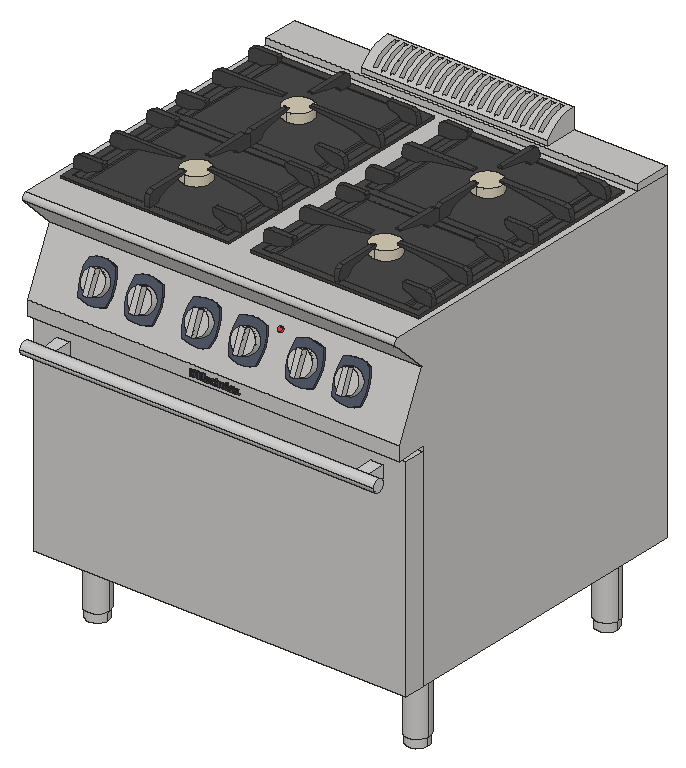
Revit family "QF_ELECTROLUXPROFESSIONAL_371003_E7GCGH4CE0", category Specialty Equipment, Revit 2018
Family settings
  Round Connector Dimension = Use Diameter
  Part Type = Normal
  Work Plane-Based = No
  Always vertical = Yes
  Cut with Voids When Loaded = No
  Shared = No
  Room Calculation Point = No
Parameters
  Width = 800 mm  # constant formula
  Weight in Pounds = 176  # constant formula
  Watts = 6000 VA  # 6000 W
  Volts = 400 V  # constant formula
  URL Cutsheet = "www.electrolux.com"
  URL = "www.electrolux.com"
  Type Mark [instance] = ""
  Status [instance] = ""
  Specification by User [instance] = ""
  Specification by Manufacturer = ""
  Show Logo [instance] = yes
  Show Clearance [instance] = yes
  Serial Number = ""
  Seismic Rating = ""
  SMACNA No = ""
  Revision Code [instance] = ""
  Phase = 3
  Omniclass Number and Title = ""
  Number of Poles [instance] = 1
  NAFEM Spec ID Number = ""
  Model = "371003"
  Min Ckt Ampacity = 0 A
  Mechanical Remarks [instance] = ""
  Mechanical Connection Type [instance] = ""
  Max Overcurrent Protection = 0 A
  Masterspec = ""
  Manufacturer = "ELECTROLUX"
  Item Number [instance] = ""
  Installed By [instance] = ""
  Identify Quantity as Lot [instance] = yes
  Height = 908.9 mm  # constant formula
  HP = "8 HP"
  Gas Size = 12.7 mm  # 1/2"
  Gas RI Height [instance] = 0 mm
  Gas KW [instance] = 22  # constant formula
  Gas Input [instance] = 21979.7 VA  # 74998.0 Btu/h
  Gas Connection Height = 0 mm
  Furnished By [instance] = ""
  Foodservice Equipment Identifier [instance] = yes
  FL Amps = if(Phase = 3, Watts / (Volts * 1.73), Watts / Volts)  # 8.67052 A
  Electrical Remarks [instance] = "400 V/3N ph/50/60 Hz"  # constant formula
  Electric Connection Type [instance] = ""
  Elec Conn RI Height [instance] = 0 mm
  Elec Conn Connection Height [instance] = 0 mm
  Direct Waste Size = 0"
  Description = "700XP 4-Burner Gas Range on Electric Oven"
  Depth = 700 mm  # constant formula
  Cycle [instance] = if([60 Hertz Option], 60 Hz, 50 Hz)  # 60 Hz
  Conn Plug = ""
  Conn Conduit = yes
  CSI MasterFormat = ""
  CSI Master Format = ""
  Assembly Code = ""
  Apparent Power = if(Phase = 3, Volts * FL Amps * 1.73, Volts * FL Amps)  # 6000 VA
  60 Hertz Option [instance] = not([50 Hertz Option])  # yes
  50 Hertz Option [instance] = no
Reference planes
  plane 1 "BACK": y = 0
  plane 2: z = 0
  plane 3 "LEFT": x = 0
  plane 4 "RIGHT": x = 800
  plane 5 "FRONT": y = -700
  plane 6 "TOP": z = 908.9
  plane 7 "Center Y": x = 400
  plane 8 "Center X": y = -350
  plane 9 "Base": z = 150
  plane 10: z = 850.9
  plane 11: y = -730.129
  plane 12: y = -1109
Forms (mm)
  Revolve 1, solid, material "QF_Finishes_Stainless Steel"
    sketch origin (1, -90, 0) x (1, 0, 0) y (0, 0, 1)
      loop
        line (55, 0) -> (55, 150) -> (29.6, 150) -> (29.6, 19.05) -> (32.1, 19.05) -> (32.1, 0) -> (55, 0)
      axis (55, 0) -> (55, 150)
    angle from 0 to 360
  Revolve 2, solid, material "QF_Finishes_Stainless Steel"
    sketch origin (1, -599.588, 0) x (1, 0, 0) y (0, 0, 1)
      loop
        line (55, 0) -> (55, 150) -> (29.6, 150) -> (29.6, 19.05) -> (32.1, 19.05) -> (32.1, 0) -> (55, 0)
      axis (55, 0) -> (55, 150)
    angle from 0 to 360
  Revolve 3, solid, material "QF_Finishes_Stainless Steel"
    sketch origin (799, -90, 0) x (-1, 0, 0) y (0, 0, -1)
      loop
        line (55, 0) -> (32.1, 0) -> (32.1, -19.05) -> (29.6, -19.05) -> (29.6, -150) -> (55, -150) -> (55, 0)
      axis (55, 0) -> (55, -150)
    angle from 0 to 360
  Revolve 4, solid, material "QF_Finishes_Stainless Steel"
    sketch origin (799, -599.588, 0) x (-1, 0, 0) y (0, 0, -1)
      loop
        line (55, 0) -> (32.1, 0) -> (32.1, -19.05) -> (29.6, -19.05) -> (29.6, -150) -> (55, -150) -> (55, 0)
      axis (55, 0) -> (55, -150)
    angle from 0 to 360
  Extrusion 5, solid, material "QF_Finishes_Stainless Steel"
    sketch origin (0, 0, 576.213) x (0, 1, 0) y (0, 0, 1)
      loop
        line (0, -426.213) -> (0, 274.687) -> (-721.5, 274.687)
        arc (-721.5, 274.687) -> (-729.472, 269.36) -> (-727.602, 259.956) r 8.63
        line (-727.602, 259.956) -> (-658.266, 190.62) -> (-715.962, 65.264) -> (-715.962, 33.966) -> (-655.839, 38.662)
        arc (-655.839, 38.662) -> (-653.314, 37.914) -> (-652.222, 35.518) r 3.175
        line (-652.222, 35.518) -> (-652.222, -426.213) -> (0, -426.213)
    from 0 to 800
  Extrusion 6, solid, material "QF_Finishes_Stainless Steel"
    sketch origin (0, -652.222, 611.731) x (0, 0, -1) y (1, 0, 0)
      loop
        line (461.731, 0) -> (461.731, 800) -> (9.61, 800) -> (9.61, 0) -> (461.731, 0)
    from 3.175 to 47.778
  Extrusion 7, solid, material "QF_Finishes_Handrails and Railings"
    sketch origin (0, 0, 0) x (0, 1, 0) y (0, 0, 1)
      loop
        line (-700, 580.001) -> (-738.678, 577.296)
        arc (-738.678, 577.296) -> (-739.871, 563.489) -> (-752.981, 558.993) r 12.7
        arc (-752.981, 558.993) -> (-752.44, 558.176) -> (-751.841, 557.401) r 13.441
        arc (-751.841, 557.401) -> (-750.036, 555.955) -> (-747.808, 555.335) r 5.77
        line (-747.808, 555.335) -> (-700, 551.992) -> (-700, 580.001)
    from 50.8 to 76.2
  Extrusion 8, solid, material "QF_Finishes_Handrails and Railings"
    sketch origin (800, 0, 0) x (0, 1, 0) y (0, 0, -1)
      loop
        line (-700, -580.001) -> (-700, -551.992) -> (-747.808, -555.335)
        arc (-747.808, -555.335) -> (-750.036, -555.955) -> (-751.841, -557.401) r 5.77
        arc (-751.841, -557.401) -> (-752.44, -558.176) -> (-752.981, -558.993) r 13.441
        arc (-752.981, -558.993) -> (-739.871, -563.489) -> (-738.678, -577.296) r 12.7
        line (-738.678, -577.296) -> (-700, -580.001)
    from 50.8 to 76.2
  Extrusion 9, solid, material "QF_Finishes_Handrails and Railings"
    sketch origin (0, 0, 0) x (0, 1, 0) y (0, 0, 1)
      loop
        circle (-749.878, 571.309) r 12.7
    from 19.875 to 780.125
  Extrusion 10, solid, material "QF_Finishes_Stainless Steel"
    sketch origin (0, 0, 576.213) x (0, 1, 0) y (0, 0, 1)
      loop
        line (0, 274.687) -> (0, 288.975) -> (-76.2, 288.975) -> (-76.2, 274.687) -> (0, 274.687)
    from 0 to 800
  Extrusion 11, solid, material "QF_Finishes_Navy Blue"
    sketch origin (7.744, -713.772, 646.186) x (0, 0.418102, 0.9084) y (-1, 0, 0)
      loop
        arc (102.623, -190.47) -> (67.041, -182.846) -> (31.333, -189.853) r 90.5
        arc (31.333, -189.853) -> (24.507, -219.04) -> (31.333, -248.228) r 65.817
        arc (31.333, -248.228) -> (67.04, -255.188) -> (102.623, -247.615) r 91.066
        arc (102.623, -247.615) -> (109.179, -219.043) -> (102.623, -190.47) r 65.546
      loop
        arc (102.623, -90.47) -> (67.041, -82.846) -> (31.333, -89.853) r 90.5
        arc (31.333, -89.853) -> (24.507, -119.04) -> (31.333, -148.228) r 65.817
        arc (31.333, -148.228) -> (67.04, -155.188) -> (102.623, -147.615) r 91.066
        arc (102.623, -147.615) -> (109.179, -119.043) -> (102.623, -90.47) r 65.546
      loop
        arc (102.623, -594.043) -> (109.179, -565.47) -> (102.623, -536.897) r 65.546
        arc (102.623, -536.897) -> (67.04, -529.324) -> (31.333, -536.284) r 91.066
        arc (31.333, -536.284) -> (24.507, -565.472) -> (31.333, -594.66) r 65.817
        arc (31.333, -594.66) -> (67.041, -601.667) -> (102.623, -594.043) r 90.5
      loop
        arc (102.623, -694.043) -> (109.179, -665.47) -> (102.623, -636.897) r 65.546
        arc (102.623, -636.897) -> (67.04, -629.324) -> (31.333, -636.284) r 91.066
        arc (31.333, -636.284) -> (24.507, -665.472) -> (31.333, -694.66) r 65.817
        arc (31.333, -694.66) -> (67.041, -701.667) -> (102.623, -694.043) r 90.5
      loop
        arc (102.623, -413.686) -> (67.041, -406.061) -> (31.333, -413.069) r 90.5
        arc (31.333, -413.069) -> (24.507, -442.256) -> (31.333, -471.444) r 65.817
        arc (31.333, -471.444) -> (67.04, -478.404) -> (102.623, -470.831) r 91.066
        arc (102.623, -470.831) -> (109.179, -442.259) -> (102.623, -413.686) r 65.546
      loop
        arc (102.623, -313.686) -> (67.041, -306.061) -> (31.333, -313.069) r 90.5
        arc (31.333, -313.069) -> (24.507, -342.256) -> (31.333, -371.444) r 65.817
        arc (31.333, -371.444) -> (67.04, -378.404) -> (102.623, -370.831) r 91.066
        arc (102.623, -370.831) -> (109.179, -342.259) -> (102.623, -313.686) r 65.546
    from 0 to 3.175
  Extrusion 12, solid, material "QF_Finishes_Stainless Steel"
    sketch origin (386.494, -717.485, 645.711) x (0, 0.418102, 0.9084) y (-1, 0, 0)
      loop
        circle (68.826, 159.037) r 25.4
      loop
        circle (68.826, 259.037) r 25.4
      loop
        circle (68.826, -186.049) r 25.4
      loop
        circle (68.826, -286.049) r 25.4
      loop
        circle (68.826, -63.463) r 25.4
      loop
        circle (68.826, 36.537) r 25.4
    from 0 to 12.7
  Extrusion 13, solid, material "QF_Finishes_Stainless Steel"
    sketch origin (0, 0, 150) x (-1, 0, 0) y (0, -1, 0)
      loop
        circle (-747.612, 464) r 6.35
    from -8.815 to 7.722
  Extrusion 14, solid, material "QF_Finishes_Door Clearance", visible <- "Show Clearance", detail levels coarse
    sketch origin (0, 0, 0) x (0, 1, 0) y (0, 0, 1)
      loop
        line (-1109, 150) -> (-700, 150) -> (-700, 601.405)
        arc (-700, 601.405) -> (-991.543, 454.568) -> (-1109, 150) r 453.603
    from 0 to 800
  Extrusion 15, solid, material "QF_Finishes_Clearance", visible <- "Show Clearance", detail levels coarse
    sketch origin (0, 0, 0) x (1, 0, 0) y (0, 1, 0)
      loop
        line (-150, -730.129) -> (0, -730.129) -> (0, 0) -> (800, 0) -> (800, -730.129) -> (950, -730.129) -> (950, 150) -> (-150, 150) -> (-150, -730.129)
    from 0 to 908.85
  Extrusion 16, solid, material "QF_Finishes_Stainless Steel"
    sketch origin (66.494, -729.022, 651.021) x (0, 0.418102, 0.9084) y (-1, 0, 0)
      loop
        arc (93.558, -166.749) -> (94.226, -160.963) -> (93.558, -155.177) r 25.4
        line (93.558, -155.177) -> (44.094, -155.177)
        arc (44.094, -155.177) -> (43.426, -160.963) -> (44.094, -166.749) r 25.4
        line (44.094, -166.749) -> (93.558, -166.749)
    from 0 to 12.7
  Extrusion 17, solid, material "QF_Finishes_Stainless Steel"
    sketch origin (-33.506, -729.022, 651.021) x (0, 0.418102, 0.9084) y (-1, 0, 0)
      loop
        arc (93.558, -166.749) -> (94.226, -160.963) -> (93.558, -155.177) r 25.4
        line (93.558, -155.177) -> (44.094, -155.177)
        arc (44.094, -155.177) -> (43.426, -160.963) -> (44.094, -166.749) r 25.4
        line (44.094, -166.749) -> (93.558, -166.749)
    from 0 to 12.7
  Extrusion 18, void
    sketch origin (-65.011, 0, 865.138) x (-1, 0, 0) y (0, -1, 0)
      loop
        line (-295.005, 6.761) -> (-285.709, 6.761) -> (-285.709, 63.911) -> (-295.005, 63.911) -> (-295.005, 6.761)
      loop
        line (-313.697, 6.761) -> (-304.401, 6.761) -> (-304.401, 63.911) -> (-313.697, 63.911) -> (-313.697, 6.761)
      loop
        line (-332.39, 6.761) -> (-323.094, 6.761) -> (-323.094, 63.911) -> (-332.39, 63.911) -> (-332.39, 6.761)
      loop
        line (-351.082, 6.761) -> (-341.787, 6.761) -> (-341.787, 63.911) -> (-351.082, 63.911) -> (-351.082, 6.761)
      loop
        line (-369.775, 6.761) -> (-360.479, 6.761) -> (-360.479, 63.911) -> (-369.775, 63.911) -> (-369.775, 6.761)
      loop
        line (-388.468, 6.761) -> (-379.172, 6.761) -> (-379.172, 63.911) -> (-388.468, 63.911) -> (-388.468, 6.761)
      loop
        line (-407.16, 6.761) -> (-397.864, 6.761) -> (-397.864, 63.911) -> (-407.16, 63.911) -> (-407.16, 6.761)
      loop
        line (-425.853, 6.761) -> (-416.557, 6.761) -> (-416.557, 63.911) -> (-425.853, 63.911) -> (-425.853, 6.761)
      loop
        line (-444.545, 6.761) -> (-435.25, 6.761) -> (-435.25, 63.911) -> (-444.545, 63.911) -> (-444.545, 6.761)
      loop
        line (-463.238, 6.761) -> (-453.942, 6.761) -> (-453.942, 63.911) -> (-463.238, 63.911) -> (-463.238, 6.761)
      loop
        line (-481.931, 6.761) -> (-472.635, 6.761) -> (-472.635, 63.911) -> (-481.931, 63.911) -> (-481.931, 6.761)
      loop
        line (-500.623, 6.761) -> (-491.328, 6.761) -> (-491.328, 63.911) -> (-500.623, 63.911) -> (-500.623, 6.761)
      loop
        line (-519.316, 6.761) -> (-510.02, 6.761) -> (-510.02, 63.911) -> (-519.316, 63.911) -> (-519.316, 6.761)
      loop
        line (-538.008, 6.761) -> (-528.713, 6.761) -> (-528.713, 63.911) -> (-538.008, 63.911) -> (-538.008, 6.761)
      loop
        line (-556.701, 6.761) -> (-547.405, 6.761) -> (-547.405, 63.911) -> (-556.701, 63.911) -> (-556.701, 6.761)
      loop
        line (-575.394, 6.761) -> (-566.098, 6.761) -> (-566.098, 63.911) -> (-575.394, 63.911) -> (-575.394, 6.761)
      loop
        line (-594.086, 6.761) -> (-584.791, 6.761) -> (-584.791, 63.911) -> (-594.086, 63.911) -> (-594.086, 6.761)
      loop
        line (-612.779, 6.761) -> (-603.483, 6.761) -> (-603.483, 63.911) -> (-612.779, 63.911) -> (-612.779, 6.761)
      loop
        line (-631.472, 6.761) -> (-622.176, 6.761) -> (-622.176, 63.911) -> (-631.472, 63.911) -> (-631.472, 6.761)
      loop
        line (-650.164, 6.761) -> (-640.868, 6.761) -> (-640.868, 63.911) -> (-650.164, 63.911) -> (-650.164, 6.761)
    from 9.525 to 45.348
  Extrusion 19, solid, material "QF_Finishes_Stainless Steel"
    sketch origin (-200, 0, 590.5) x (0, 1, 0) y (0, 0, 1)
      loop
        line (0, 274.688) -> (0, 318.4)
        arc (0, 318.4) -> (-39.072, 309.779) -> (-69.85, 284.212) r 84.854
        line (-69.85, 284.212) -> (-69.85, 274.688) -> (0, 274.688)
    from 400 to 800
  Extrusion 20, solid, material "QF_Finishes_Stainless Steel"
    sketch origin (733.506, -729.022, 651.021) x (0, 0.418102, 0.9084) y (-1, 0, 0)
      loop
        line (93.558, 166.749) -> (44.094, 166.749)
        arc (44.094, 166.749) -> (43.426, 160.963) -> (44.094, 155.177) r 25.4
        line (44.094, 155.177) -> (93.558, 155.177)
        arc (93.558, 155.177) -> (94.226, 160.963) -> (93.558, 166.749) r 25.4
    from 0 to 12.7
  Extrusion 21, solid, material "QF_Finishes_Stainless Steel"
    sketch origin (833.506, -729.022, 651.021) x (0, 0.418102, 0.9084) y (-1, 0, 0)
      loop
        line (93.558, 166.749) -> (44.094, 166.749)
        arc (44.094, 166.749) -> (43.426, 160.963) -> (44.094, 155.177) r 25.4
        line (44.094, 155.177) -> (93.558, 155.177)
        arc (93.558, 155.177) -> (94.226, 160.963) -> (93.558, 166.749) r 25.4
    from 0 to 12.7
  Extrusion 22, solid, material "QF_Finishes_Stainless Steel"
    sketch origin (288.994, -729.022, 651.021) x (0, 0.418102, 0.9084) y (-1, 0, 0)
      loop
        arc (93.558, -166.749) -> (94.226, -160.963) -> (93.558, -155.177) r 25.4
        line (93.558, -155.177) -> (44.094, -155.177)
        arc (44.094, -155.177) -> (43.426, -160.963) -> (44.094, -166.749) r 25.4
        line (44.094, -166.749) -> (93.558, -166.749)
    from 0 to 12.7
  Extrusion 23, solid, material "QF_Finishes_Stainless Steel"
    sketch origin (188.994, -729.022, 651.021) x (0, 0.418102, 0.9084) y (-1, 0, 0)
      loop
        arc (93.558, -166.749) -> (94.226, -160.963) -> (93.558, -155.177) r 25.4
        line (93.558, -155.177) -> (44.094, -155.177)
        arc (44.094, -155.177) -> (43.426, -160.963) -> (44.094, -166.749) r 25.4
        line (44.094, -166.749) -> (93.558, -166.749)
    from 0 to 12.7
  Extrusion 24, solid, material "QF_Finishes_Red"
    sketch origin (0, -658.266, 766.833) x (0, -0.418102, -0.9084) y (1, 0, 0)
      loop
        circle (27.385, 506.659) r 5
    from 0 to 1.6
  Extrusion 25, solid, material "QF_Finishes_Stainless Steel"
    sketch origin (0, -50, 150) x (-1, 0, 0) y (0, -1, 0)
      loop
        circle (-747.612, 464) r 3.175
    from -1.912 to 7.722
  Extrusion 26, solid, material "QF_Finishes_Navy Blue", visible <- "Show Logo"
    sketch origin (61.109, -715.962, 610.773) x (0, 0, 1) y (-1, 0, 0)
      loop
        line (20.674, -296.698) -> (8.307, -296.698)
        arc (8.307, -296.698) -> (14.491, -301.27) -> (20.674, -296.698) r 6.467
      loop
        arc (20.674, -296.069) -> (19.505, -290.926) -> (14.849, -288.448) r 6.338
        line (14.849, -288.448) -> (14.849, -290.494)
        arc (14.849, -290.494) -> (16.333, -294.149) -> (19.778, -296.069) r 5.941
        line (19.778, -296.069) -> (20.674, -296.069)
      loop
        arc (9.203, -296.069) -> (12.648, -294.149) -> (14.132, -290.494) r 5.941
        line (14.132, -290.494) -> (14.132, -288.448)
        arc (14.132, -288.448) -> (9.438, -290.922) -> (8.148, -296.069) r 6.504
        line (8.148, -296.069) -> (9.203, -296.069)
      loop
        line (21.349, -287.979) -> (7.604, -287.979) -> (7.604, -301.742) -> (21.349, -301.742) -> (21.349, -287.979)
      loop
        arc (21.432, -304.71) -> (21.085, -304.352) -> (20.718, -304.69) r 0.358
        arc (20.718, -304.69) -> (20.404, -305.44) -> (19.687, -305.825) r 1.216
        line (19.687, -305.825) -> (9.274, -305.825)
        arc (9.274, -305.825) -> (8.614, -305.548) -> (8.218, -304.951) r 1.238
        arc (8.218, -304.951) -> (7.823, -304.7) -> (7.518, -305.054) r 0.358
        line (7.518, -305.054) -> (7.518, -314.933) -> (10.269, -314.933) -> (10.269, -314.036)
        arc (10.269, -314.036) -> (9.36, -313.456) -> (8.904, -312.479) r 1.928
        line (8.904, -312.479) -> (8.904, -309.98)
        arc (8.904, -309.98) -> (9.18, -309.251) -> (9.868, -308.887) r 1.101
        line (9.868, -308.887) -> (13.955, -308.887) -> (13.955, -312.561)
        arc (13.955, -312.561) -> (13.602, -313.058) -> (13.037, -313.286) r 1.083
        arc (13.037, -313.286) -> (12.773, -313.591) -> (13.065, -313.869) r 0.292
        line (13.065, -313.869) -> (16.028, -313.869)
        arc (16.028, -313.869) -> (16.33, -313.596) -> (16.092, -313.266) r 0.305
        arc (16.092, -313.266) -> (15.601, -313.018) -> (15.296, -312.561) r 1.083
        line (15.296, -312.561) -> (15.296, -308.887) -> (19.973, -308.887) -> (19.973, -312.635)
        arc (19.973, -312.635) -> (19.759, -313.39) -> (19.153, -313.888) r 1.314
        arc (19.153, -313.888) -> (18.934, -314.292) -> (19.288, -314.585) r 0.361
        line (19.288, -314.585) -> (21.432, -314.585) -> (21.432, -304.71)
      loop
        arc (20.715, -315.365) -> (20.335, -316.284) -> (19.416, -316.664) r 1.299
        line (19.416, -316.664) -> (9.837, -316.664)
        arc (9.837, -316.664) -> (8.999, -316.286) -> (8.728, -315.408) r 1.118
        line (8.728, -315.408) -> (7.518, -315.408) -> (7.518, -320.758) -> (8.706, -320.758)
        arc (8.706, -320.758) -> (8.978, -319.841) -> (9.848, -319.445) r 1.153
        line (9.848, -319.445) -> (21.92, -319.445) -> (20.715, -315.365)
      loop
        line (12.483, -323.394) -> (12.483, -329.842) -> (13.282, -329.842)
        arc (13.282, -329.842) -> (15.862, -328.857) -> (17.131, -326.404) r 3.874
        line (17.131, -326.404) -> (17.131, -324.643)
        arc (17.131, -324.643) -> (15.944, -321.778) -> (13.08, -320.592) r 4.051
        line (13.08, -320.592) -> (11.072, -320.592)
        arc (11.072, -320.592) -> (8.253, -322.077) -> (7.202, -325.084) r 4.352
        arc (7.202, -325.084) -> (7.566, -327.547) -> (8.943, -329.621) r 5.713
        line (8.943, -329.621) -> (9.892, -329.621)
        arc (9.892, -329.621) -> (9.16, -328.052) -> (8.943, -326.334) r 5.579
        arc (8.943, -326.334) -> (9.737, -324.371) -> (11.616, -323.394) r 3.057
        line (11.616, -323.394) -> (12.483, -323.394)
      loop
        line (13.742, -323.394) -> (13.742, -326.977)
        arc (13.742, -326.977) -> (15.199, -327.024) -> (16.082, -325.864) r 1.59
        line (16.082, -325.864) -> (16.082, -325.034)
        arc (16.082, -325.034) -> (15.217, -323.779) -> (13.742, -323.394) r 2.184
      loop
        arc (16.533, -339.259) -> (17.022, -337.585) -> (17.179, -335.848) r 9.023
        line (17.179, -335.848) -> (17.179, -334.486)
        arc (17.179, -334.486) -> (16.02, -331.686) -> (13.22, -330.527) r 3.959
        line (13.22, -330.527) -> (10.62, -330.527)
        arc (10.62, -330.527) -> (8.338, -331.819) -> (7.221, -334.192) r 4.331
        line (7.221, -334.192) -> (7.221, -336.327)
        arc (7.221, -336.327) -> (7.729, -337.877) -> (8.651, -339.223) r 5.772
        arc (8.651, -339.223) -> (9.412, -339.274) -> (9.499, -338.515) r 0.553
        arc (9.499, -338.515) -> (9.111, -337.781) -> (8.977, -336.962) r 2.573
        line (8.977, -336.962) -> (8.977, -335.447)
        arc (8.977, -335.447) -> (9.983, -333.806) -> (11.798, -333.163) r 2.884
        line (11.798, -333.163) -> (13.077, -333.163)
        arc (13.077, -333.163) -> (14.898, -333.723) -> (15.824, -335.388) r 2.554
        line (15.824, -335.388) -> (15.824, -336.441)
        arc (15.824, -336.441) -> (15.493, -337.369) -> (14.836, -338.104) r 2.564
        arc (14.836, -338.104) -> (14.614, -338.821) -> (15.223, -339.259) r 0.643
        line (15.223, -339.259) -> (16.533, -339.259)
      loop
        line (15.515, -339.53) -> (15.515, -341.031) -> (9.467, -341.031)
        arc (9.467, -341.031) -> (7.879, -341.688) -> (7.221, -343.276) r 2.246
        line (7.221, -343.276) -> (7.221, -344.86)
        arc (7.221, -344.86) -> (7.535, -345.725) -> (8.035, -346.496) r 4.06
        arc (8.035, -346.496) -> (8.768, -346.629) -> (9.019, -345.928) r 0.576
        arc (9.019, -345.928) -> (8.913, -345.403) -> (8.977, -344.87) r 1.69
        arc (8.977, -344.87) -> (9.519, -344.082) -> (10.425, -343.779) r 1.506
        line (10.425, -343.779) -> (15.563, -343.779) -> (15.563, -346.176) -> (16.119, -346.733) -> (16.941, -346.733) -> (16.941, -343.873) -> (20.172, -343.873) -> (15.515, -339.53)
      loop
        line (7.438, -347.63) -> (7.438, -353.017) -> (8.548, -353.017)
        arc (8.548, -353.017) -> (8.942, -352.066) -> (9.893, -351.672) r 1.345
        line (9.893, -351.672) -> (13.509, -351.672)
        arc (13.509, -351.672) -> (14.274, -352.264) -> (14.564, -353.186) r 1.615
        line (14.564, -353.186) -> (14.564, -354.742) -> (17.119, -355.427) -> (17.119, -354.044) -> (15.177, -351.485) -> (17.057, -351.485) -> (16.773, -348.779)
        arc (16.773, -348.779) -> (16.333, -348.249) -> (15.674, -348.45) r 0.621
        arc (15.674, -348.45) -> (15.274, -348.792) -> (14.78, -348.975) r 1.501
        line (14.78, -348.975) -> (9.893, -348.975)
        arc (9.893, -348.975) -> (8.942, -348.581) -> (8.548, -347.63) r 1.345
        line (8.548, -347.63) -> (7.438, -347.63)
      loop
        line (13.54, -354.964) -> (10.848, -354.964)
        arc (10.848, -354.964) -> (8.403, -356.272) -> (7.269, -358.803) r 4.288
        arc (7.269, -358.803) -> (7.205, -360.183) -> (7.269, -361.563) r 15.022
        arc (7.269, -361.563) -> (8.403, -364.094) -> (10.848, -365.401) r 4.288
        line (10.848, -365.401) -> (13.54, -365.401)
        arc (13.54, -365.401) -> (15.986, -364.094) -> (17.119, -361.563) r 4.288
        arc (17.119, -361.563) -> (17.183, -360.183) -> (17.119, -358.803) r 15.022
        arc (17.119, -358.803) -> (15.986, -356.272) -> (13.54, -354.964) r 4.288
      loop
        line (13.745, -358.078) -> (10.643, -358.078)
        arc (10.643, -358.078) -> (8.486, -360.235) -> (10.643, -362.392) r 2.157
        line (10.643, -362.392) -> (13.745, -362.392)
        arc (13.745, -362.392) -> (15.902, -360.235) -> (13.745, -358.078) r 2.157
      loop
        arc (20.726, -365.26) -> (20.355, -366.154) -> (19.461, -366.524) r 1.264
        line (19.461, -366.524) -> (9.597, -366.524)
        arc (9.597, -366.524) -> (8.727, -366.127) -> (8.455, -365.211) r 1.153
        line (8.455, -365.211) -> (7.518, -365.211) -> (7.518, -370.319) -> (8.446, -370.319)
        arc (8.446, -370.319) -> (8.805, -369.547) -> (9.597, -369.232) r 1.153
        line (9.597, -369.232) -> (21.92, -369.232) -> (20.726, -365.26)
      loop
        arc (15.846, -369.857) -> (15.647, -370.921) -> (14.678, -371.403) r 1.215
        line (14.678, -371.403) -> (9.658, -371.403)
        arc (9.658, -371.403) -> (8.043, -372.051) -> (7.322, -373.634) r 2.338
        line (7.322, -373.634) -> (7.322, -375.148)
        arc (7.322, -375.148) -> (7.497, -376.152) -> (7.999, -377.038) r 2.979
        line (7.999, -377.038) -> (7.518, -378.835) -> (7.518, -380.524) -> (16.943, -380.524) -> (16.649, -376.32) -> (15.863, -376.32)
        arc (15.863, -376.32) -> (15.507, -377.156) -> (14.755, -377.665) r 1.605
        line (14.755, -377.665) -> (9.652, -377.665)
        arc (9.652, -377.665) -> (9.232, -376.728) -> (9.159, -375.704) r 2.94
        arc (9.159, -375.704) -> (9.72, -374.603) -> (10.873, -374.16) r 1.724
        line (10.873, -374.16) -> (17.07, -374.16) -> (15.846, -369.857)
      loop
        line (16.874, -381.377) -> (15.202, -383.423) -> (12.028, -385.729) -> (8.572, -382.617)
        arc (8.572, -382.617) -> (8.335, -382.223) -> (8.357, -381.764) r 0.789
        line (8.357, -381.764) -> (7.518, -381.764) -> (7.518, -385.309) -> (8.344, -385.309)
        arc (8.344, -385.309) -> (8.686, -384.947) -> (9.176, -385.039) r 0.52
        line (9.176, -385.039) -> (10.976, -386.51) -> (8.858, -387.886)
        arc (8.858, -387.886) -> (8.457, -387.576) -> (8.37, -387.076) r 0.7
        line (8.37, -387.076) -> (7.518, -387.076) -> (7.518, -393.003) -> (8.405, -393.003)
        arc (8.405, -393.003) -> (8.472, -392.344) -> (8.866, -391.813) r 1.247
        line (8.866, -391.813) -> (13.066, -388.532) -> (15.513, -390.585) -> (16.874, -392.327) -> (16.874, -388.604) -> (15.389, -389.026) -> (13.868, -387.749) -> (15.568, -386.559) -> (16.874, -387.336) -> (16.874, -381.377)
    from 0 to 1.644
Cuts and joins
  Extrusion 18 cuts Extrusion 15
  Extrusion 18 cuts Extrusion 19
Lines and regions (mm)
  symbolic lines, style "QF-Door Swings"
    curve 1: line (0, -730.129, 150) -> (0, -1109, 150)
    curve 2: line (0, -1109, 150) -> (800, -1109, 150)
    curve 3: line (800, -1109, 150) -> (800, -730.129, 150)
  symbolic lines
    curve 4: line (800, -730.129, 150) -> (0, -730.129, 150)
    curve 5: line (0, 0, 150) -> (0, -730.129, 150)
    curve 6: line (0, -69.85, 150) -> (800, -69.85, 150)
    curve 7: line (0, -76.2, 150) -> (800, -76.2, 150)
    curve 8: line (800, -730.129, 150) -> (800, 0, 150)
    curve 9: line (0, 0, 150) -> (800, 0, 150)
    curve 13: line (50.8, -738.678, 150) -> (50.8, -730.129, 150)
    curve 14: line (76.2, -730.129, 150) -> (76.2, -738.678, 150)
    curve 15: line (19.875, -737.178, 150) -> (50.8, -737.178, 150)
    curve 16: line (19.875, -762.578, 150) -> (19.875, -737.178, 150)
    curve 17: line (780.125, -762.578, 150) -> (19.875, -762.578, 150)
    curve 18: line (780.125, -737.178, 150) -> (780.125, -762.578, 150)
    curve 19: line (749.2, -738.678, 150) -> (749.2, -730.129, 150)
    curve 20: line (723.8, -738.678, 150) -> (723.8, -730.129, 150)
    curve 21: line (723.8, -738.678, 150) -> (749.2, -738.678, 150)
    curve 22: line (50.8, -738.678, 150) -> (76.2, -738.678, 150)
    curve 23: line (76.2, -737.178, 150) -> (723.8, -737.178, 150)
    curve 24: line (749.2, -737.178, 150) -> (780.125, -737.178, 150)
    curve 25: line (229.994, -6.761, 150) -> (229.994, -63.911, 150)
    curve 26: line (229.994, -63.911, 150) -> (220.698, -63.911, 150)
    curve 27: line (220.698, -63.911, 150) -> (220.698, -6.761, 150)
    curve 28: line (220.698, -6.761, 150) -> (229.994, -6.761, 150)
    curve 29: line (435.612, -6.761, 150) -> (435.612, -63.911, 150)
    curve 30: line (435.612, -63.911, 150) -> (426.317, -63.911, 150)
    curve 31: line (426.317, -63.911, 150) -> (426.317, -6.761, 150)
    curve 32: line (426.317, -6.761, 150) -> (435.612, -6.761, 150)
    curve 33: line (416.92, -6.761, 150) -> (416.92, -63.911, 150)
    curve 34: line (416.92, -63.911, 150) -> (407.624, -63.911, 150)
    curve 35: line (407.624, -63.911, 150) -> (407.624, -6.761, 150)
    curve 36: line (407.624, -6.761, 150) -> (416.92, -6.761, 150)
    curve 37: line (398.227, -6.761, 150) -> (398.227, -63.911, 150)
    curve 38: line (398.227, -63.911, 150) -> (388.931, -63.911, 150)
    curve 39: line (388.931, -63.911, 150) -> (388.931, -6.761, 150)
    curve 40: line (388.931, -6.761, 150) -> (398.227, -6.761, 150)
    curve 41: line (379.534, -6.761, 150) -> (379.534, -63.911, 150)
    curve 42: line (379.534, -63.911, 150) -> (370.239, -63.911, 150)
    curve 43: line (370.239, -63.911, 150) -> (370.239, -6.761, 150)
    curve 44: line (370.239, -6.761, 150) -> (379.534, -6.761, 150)
    curve 45: line (360.842, -6.761, 150) -> (360.842, -63.911, 150)
    curve 46: line (360.842, -63.911, 150) -> (351.546, -63.911, 150)
    curve 47: line (351.546, -63.911, 150) -> (351.546, -6.761, 150)
    curve 48: line (351.546, -6.761, 150) -> (360.842, -6.761, 150)
    curve 49: line (342.149, -6.761, 150) -> (342.149, -63.911, 150)
    curve 50: line (342.149, -63.911, 150) -> (332.854, -63.911, 150)
    curve 51: line (332.854, -63.911, 150) -> (332.854, -6.761, 150)
    curve 52: line (332.854, -6.761, 150) -> (342.149, -6.761, 150)
    curve 53: line (323.457, -6.761, 150) -> (323.457, -63.911, 150)
    curve 54: line (323.457, -63.911, 150) -> (314.161, -63.911, 150)
    curve 55: line (314.161, -63.911, 150) -> (314.161, -6.761, 150)
    curve 56: line (314.161, -6.761, 150) -> (323.457, -6.761, 150)
    curve 57: line (304.764, -6.761, 150) -> (304.764, -63.911, 150)
    curve 58: line (304.764, -63.911, 150) -> (295.468, -63.911, 150)
    curve 59: line (295.468, -63.911, 150) -> (295.468, -6.761, 150)
    curve 60: line (295.468, -6.761, 150) -> (304.764, -6.761, 150)
    curve 61: line (286.071, -6.761, 150) -> (286.071, -63.911, 150)
    curve 62: line (286.071, -63.911, 150) -> (276.776, -63.911, 150)
    curve 63: line (276.776, -63.911, 150) -> (276.776, -6.761, 150)
    curve 64: line (276.776, -6.761, 150) -> (286.071, -6.761, 150)
    curve 65: line (267.379, -6.761, 150) -> (267.379, -63.911, 150)
    curve 66: line (267.379, -63.911, 150) -> (258.083, -63.911, 150)
    curve 67: line (258.083, -63.911, 150) -> (258.083, -6.761, 150)
    curve 68: line (258.083, -6.761, 150) -> (267.379, -6.761, 150)
    curve 69: line (248.686, -6.761, 150) -> (248.686, -63.911, 150)
    curve 70: line (248.686, -63.911, 150) -> (239.39, -63.911, 150)
    curve 71: line (239.39, -63.911, 150) -> (239.39, -6.761, 150)
    curve 72: line (239.39, -6.761, 150) -> (248.686, -6.761, 150)
    curve 73: line (585.153, -6.761, 150) -> (585.153, -63.911, 150)
    curve 74: line (585.153, -63.911, 150) -> (575.857, -63.911, 150)
    curve 75: line (575.857, -63.911, 150) -> (575.857, -6.761, 150)
    curve 76: line (575.857, -6.761, 150) -> (585.153, -6.761, 150)
    curve 77: line (566.461, -6.761, 150) -> (566.461, -63.911, 150)
    curve 78: line (566.461, -63.911, 150) -> (557.165, -63.911, 150)
    curve 79: line (557.165, -63.911, 150) -> (557.165, -6.761, 150)
    curve 80: line (557.165, -6.761, 150) -> (566.461, -6.761, 150)
    curve 81: line (547.768, -6.761, 150) -> (547.768, -63.911, 150)
    curve 82: line (547.768, -63.911, 150) -> (538.472, -63.911, 150)
    curve 83: line (538.472, -63.911, 150) -> (538.472, -6.761, 150)
    curve 84: line (538.472, -6.761, 150) -> (547.768, -6.761, 150)
    curve 85: line (529.075, -6.761, 150) -> (529.075, -63.911, 150)
    curve 86: line (529.075, -63.911, 150) -> (519.78, -63.911, 150)
    curve 87: line (519.78, -63.911, 150) -> (519.78, -6.761, 150)
    curve 88: line (519.78, -6.761, 150) -> (529.075, -6.761, 150)
    curve 89: line (510.383, -6.761, 150) -> (510.383, -63.911, 150)
    curve 90: line (510.383, -63.911, 150) -> (501.087, -63.911, 150)
    curve 91: line (501.087, -63.911, 150) -> (501.087, -6.761, 150)
    curve 92: line (501.087, -6.761, 150) -> (510.383, -6.761, 150)
    curve 93: line (491.69, -6.761, 150) -> (491.69, -63.911, 150)
    curve 94: line (491.69, -63.911, 150) -> (482.394, -63.911, 150)
    curve 95: line (482.394, -63.911, 150) -> (482.394, -6.761, 150)
    curve 96: line (482.394, -6.761, 150) -> (491.69, -6.761, 150)
    curve 97: line (472.998, -6.761, 150) -> (472.998, -63.911, 150)
    curve 98: line (472.998, -63.911, 150) -> (463.702, -63.911, 150)
    curve 99: line (463.702, -63.911, 150) -> (463.702, -6.761, 150)
    curve 100: line (463.702, -6.761, 150) -> (472.998, -6.761, 150)
    curve 101: line (454.305, -6.761, 150) -> (454.305, -63.911, 150)
    curve 102: line (454.305, -63.911, 150) -> (445.009, -63.911, 150)
    curve 103: line (445.009, -63.911, 150) -> (445.009, -6.761, 150)
    curve 104: line (445.009, -6.761, 150) -> (454.305, -6.761, 150)
    curve 105: line (200, -69.85, 150) -> (200, 0, 150)
    curve 106: line (600, -69.85, 150) -> (600, 0, 150)
  symbolic lines, style "QF-Clearances", visible <- "Show Clearance", detail levels coarse
    curve 10: line (-150, -730.129, 150) -> (-150, 150, 150)
    curve 11: line (-150, 150, 150) -> (950, 150, 150)
    curve 12: line (950, 150, 150) -> (950, -730.129, 150)
Dimensions and locks
  equal spacing: plane 3 "LEFT", plane 7 "Center Y", plane 4 "RIGHT"
  "Width": plane 3 "LEFT" to plane 4 "RIGHT"
  equal spacing: plane 5 "FRONT", plane 8 "Center X", plane 1 "BACK"
  "Depth": plane 5 "FRONT" to plane 1 "BACK"
  "Height": plane 6 "TOP" to level
  plane 9 "Base" to level = 150 mm
  plane 6 "TOP" to plane 10 = 58 mm  (x2)
  plane 1 "BACK" to plane 11 = 730.129 mm
  plane 1 "BACK" to plane 12 = 1109 mm
  aligned and locked: level to plane 2
Automatic sketch dimensions
  Revolve 1 sketch curve to plane 9 "Base" = 0 mm  (x2)
  Revolve 1 sketch curve to level = 0 mm
  plane 3 "LEFT" to Revolve 1 sketch curve = 30.6 mm
  Revolve 1 sketch curve to Revolve 1 sketch curve = 2.5 mm
  Revolve 1 sketch curve to Revolve 1 sketch curve = 25.4 mm
  Revolve 1 sketch curve to Revolve 1 sketch curve = 0 mm
  level to Revolve 1 sketch curve = 19.05 mm
  plane 9 "Base" to Revolve 1 sketch curve = 20 mm
  Revolve 2 sketch curve to plane 9 "Base" = 0 mm  (x2)
  Revolve 2 sketch curve to level = 0 mm
  plane 3 "LEFT" to Revolve 2 sketch curve = 30.6 mm
  Revolve 2 sketch curve to Revolve 2 sketch curve = 2.5 mm
  Revolve 2 sketch curve to Revolve 2 sketch curve = 25.4 mm
  Revolve 2 sketch curve to Revolve 2 sketch curve = 0 mm
  level to Revolve 2 sketch curve = 19.05 mm
  plane 9 "Base" to Revolve 2 sketch curve = 20 mm
  Revolve 3 sketch curve to plane 9 "Base" = 0 mm  (x2)
  Revolve 3 sketch curve to level = 0 mm
  Revolve 3 sketch curve to plane 4 "RIGHT" = 30.6 mm
  Revolve 3 sketch curve to Revolve 3 sketch curve = 2.5 mm
  Revolve 3 sketch curve to Revolve 3 sketch curve = 25.4 mm
  Revolve 3 sketch curve to Revolve 3 sketch curve = 0 mm
  plane 9 "Base" to Revolve 3 sketch curve = 20 mm
  level to Revolve 3 sketch curve = 19.05 mm
  Revolve 4 sketch curve to plane 9 "Base" = 0 mm  (x2)
  Revolve 4 sketch curve to level = 0 mm
  Revolve 4 sketch curve to plane 4 "RIGHT" = 30.6 mm
  Revolve 4 sketch curve to Revolve 4 sketch curve = 2.5 mm
  Revolve 4 sketch curve to Revolve 4 sketch curve = 25.4 mm
  Revolve 4 sketch curve to Revolve 4 sketch curve = 0 mm
  plane 9 "Base" to Revolve 4 sketch curve = 20 mm
  level to Revolve 4 sketch curve = 19.05 mm
  Extrusion 5 sketch curve to plane 10 = 0 mm
  Extrusion 5 sketch curve to plane 9 "Base" = 0 mm
  Extrusion 5 sketch curve to plane 1 "BACK" = 0 mm
  Extrusion 5 sketch curve to plane 5 "FRONT" = 47.778 mm
  Extrusion 5 sketch curve to Extrusion 5 sketch curve = 3.175 mm
  Extrusion 5 sketch curve to Extrusion 5 sketch curve = 0.442 mm
  Extrusion 5 sketch curve to plane 5 "FRONT" = 41.734 mm
  Extrusion 5 sketch curve to plane 11 = 14.167 mm
  Extrusion 5 sketch curve to plane 11 = 8.63 mm
  Extrusion 5 sketch curve to plane 11 = 2.528 mm
  Extrusion 5 sketch curve to plane 10 = 240.721 mm
  Extrusion 5 sketch curve to Extrusion 5 sketch curve = 1.552 mm
  Extrusion 5 sketch curve to Extrusion 5 sketch curve = 31.298 mm
  Extrusion 5 sketch curve to plane 10 = 84.067 mm
  Extrusion 5 sketch curve to plane 10 = 14.732 mm
  Extrusion 6 sketch curve to Extrusion 5 = 0 mm  (x2)
  Extrusion 5 to Extrusion 6 sketch curve = 0 mm
  Extrusion 5 to Extrusion 6 sketch curve = 9.61 mm
  Extrusion 7 sketch curve to plane 5 "FRONT" = 0 mm
  plane 11 to Extrusion 7 sketch curve = 8.549 mm
  plane 11 to Extrusion 7 sketch curve = 11.379 mm
  Extrusion 7 sketch curve to Extrusion 7 sketch curve = 5.898 mm
  Extrusion 7 sketch curve to Extrusion 7 sketch curve = 0.402 mm
  Extrusion 7 sketch curve to Extrusion 7 sketch curve = 8.37 mm
  Extrusion 7 sketch curve to Extrusion 7 sketch curve = 4.033 mm
  Extrusion 7 sketch curve to Extrusion 7 sketch curve = 0 mm  (x2)
  Extrusion 7 sketch curve to Extrusion 7 sketch curve = 1.139 mm
  Extrusion 7 sketch curve to plane 10 = 298.908 mm
  Extrusion 7 sketch curve to Extrusion 7 sketch curve = 3.343 mm
  Extrusion 7 sketch curve to Extrusion 7 sketch curve = 2.066 mm
  Extrusion 7 sketch curve to Extrusion 7 sketch curve = 5.312 mm
  Extrusion 7 sketch curve to Extrusion 7 sketch curve = 28.009 mm
  Extrusion 8 sketch curve to plane 5 "FRONT" = 0 mm
  plane 11 to Extrusion 8 sketch curve = 8.549 mm
  plane 11 to Extrusion 8 sketch curve = 11.379 mm
  Extrusion 8 sketch curve to Extrusion 8 sketch curve = 5.898 mm
  Extrusion 8 sketch curve to Extrusion 8 sketch curve = 0.402 mm
  Extrusion 8 sketch curve to Extrusion 8 sketch curve = 8.37 mm
  Extrusion 8 sketch curve to Extrusion 8 sketch curve = 4.033 mm
  Extrusion 8 sketch curve to Extrusion 8 sketch curve = 0 mm  (x2)
  Extrusion 8 sketch curve to Extrusion 8 sketch curve = 1.139 mm
  Extrusion 8 sketch curve to plane 10 = 270.899 mm
  Extrusion 8 sketch curve to Extrusion 8 sketch curve = 2.705 mm
  Extrusion 8 sketch curve to Extrusion 8 sketch curve = 5.987 mm
  Extrusion 8 sketch curve to Extrusion 8 sketch curve = 5.312 mm
  Extrusion 8 sketch curve to Extrusion 8 sketch curve = 28.009 mm
  plane 11 to Extrusion 9 sketch curve = 19.749 mm
  Extrusion 9 sketch curve to plane 10 = 279.591 mm
  Extrusion 10 sketch curve to plane 10 = 0 mm
  Extrusion 10 sketch curve to plane 1 "BACK" = 0 mm
  plane 10 to Extrusion 10 sketch curve = 14.288 mm
  Extrusion 10 sketch curve to Extrusion 10 sketch curve = 76.2 mm
  Extrusion 11 sketch curve to plane 7 "Center Y" = 20.812 mm
  Extrusion 11 sketch curve to Extrusion 11 sketch curve = 0 mm  (x16)
  plane 7 "Center Y" to Extrusion 11 sketch curve = 20.812 mm
  Extrusion 11 sketch curve to Extrusion 11 sketch curve = 12.3 mm  (x18)
  Extrusion 11 sketch curve to Extrusion 11 sketch curve = 34.925 mm  (x7)
  plane 7 "Center Y" to Extrusion 11 sketch curve = 4.302 mm
  Extrusion 11 sketch curve to plane 7 "Center Y" = 4.915 mm
  Extrusion 11 sketch curve to Extrusion 11 sketch curve = 46.691 mm  (x6)
  plane 7 "Center Y" to Extrusion 11 sketch curve = 21.43 mm
  Extrusion 11 sketch curve to plane 7 "Center Y" = 21.425 mm
  Extrusion 11 sketch curve to Extrusion 11 sketch curve = 14.612 mm
  Extrusion 11 sketch curve to Extrusion 11 sketch curve = 25.114 mm  (x3)
  Extrusion 11 sketch curve to Extrusion 11 sketch curve = 25.727 mm  (x2)
  Extrusion 11 sketch curve to Extrusion 11 sketch curve = 29.185 mm  (x5)
  Extrusion 11 sketch curve to Extrusion 11 sketch curve = 9.217 mm  (x2)
  Extrusion 11 sketch curve to Extrusion 11 sketch curve = 15.898 mm  (x2)
  Extrusion 11 sketch curve to Extrusion 11 sketch curve = 16.51 mm  (x2)
  Extrusion 11 sketch curve to Extrusion 11 sketch curve = 13.999 mm
  Extrusion 12 sketch curve to Extrusion 12 sketch curve = 0 mm  (x5)
  Extrusion 12 sketch curve to Extrusion 12 sketch curve = 100 mm  (x3)
  Extrusion 12 sketch curve to Extrusion 12 sketch curve = 122.586 mm
  Extrusion 12 sketch curve to Extrusion 12 sketch curve = 122.5 mm
  Extrusion 13 sketch curve to plane 4 "RIGHT" = 52.388 mm
  Extrusion 13 sketch curve to plane 8 "Center X" = 114 mm
  Extrusion 14 sketch curve to plane 9 "Base" = 0 mm
  Extrusion 14 sketch curve to plane 12 = 0 mm
  Extrusion 14 sketch curve to plane 5 "FRONT" = 0 mm
  Extrusion 14 sketch curve to Extrusion 14 sketch curve = 44.603 mm
  plane 11 to curve 12 = 0 mm
  curve 3 to plane 4 "RIGHT" = 0 mm
  plane 1 "BACK" to curve 9 = 0 mm
  curve 9 to plane 4 "RIGHT" = 0 mm
  plane 11 to curve 19 = 0 mm
  curve 1 to plane 3 "LEFT" = 0 mm
  curve 9 to plane 3 "LEFT" = 0 mm
  plane 11 to curve 10 = 0 mm
  plane 12 to curve 1 = 0 mm
  plane 4 "RIGHT" to curve 11 = 150 mm
  plane 11 to curve 18 = 7.049 mm
  curve 18 to plane 4 "RIGHT" = 19.875 mm
  curve 18 to curve 24 = 30.925 mm
  plane 11 to curve 23 = 7.049 mm
  curve 24 to curve 23 = 25.4 mm
  plane 1 "BACK" to curve 106 = 69.85 mm
  curve 106 to plane 4 "RIGHT" = 200 mm
  curve 106 to curve 73 = 14.847 mm
  curve 73 to curve 74 = 9.296 mm
  curve 74 to curve 78 = 9.397 mm
  curve 77 to curve 79 = 9.296 mm
  curve 78 to curve 81 = 9.397 mm
  curve 81 to curve 84 = 9.296 mm
  curve 82 to curve 86 = 9.397 mm
  curve 85 to curve 87 = 9.296 mm
  curve 86 to curve 90 = 9.397 mm
  curve 89 to curve 91 = 9.296 mm
  curve 90 to curve 93 = 9.397 mm
  curve 93 to curve 96 = 9.296 mm
  curve 94 to curve 98 = 9.397 mm
  curve 97 to curve 100 = 9.296 mm
  curve 99 to curve 104 = 9.397 mm
  curve 101 to curve 104 = 9.296 mm
  curve 103 to curve 29 = 9.397 mm
  curve 29 to curve 32 = 9.296 mm
  curve 31 to curve 33 = 9.397 mm
  plane 7 "Center Y" to curve 34 = 7.624 mm
  curve 37 to plane 7 "Center Y" = 1.773 mm
  curve 37 to curve 39 = 9.296 mm
  curve 39 to curve 44 = 9.397 mm
  curve 41 to curve 42 = 9.296 mm
  curve 42 to curve 45 = 9.397 mm
  curve 45 to curve 47 = 9.296 mm
  curve 47 to curve 49 = 9.397 mm
  curve 49 to curve 51 = 9.296 mm
  curve 51 to curve 53 = 9.397 mm
  curve 53 to curve 54 = 9.296 mm
  curve 55 to curve 57 = 9.397 mm
  curve 57 to curve 58 = 9.296 mm
  curve 59 to curve 64 = 9.397 mm
  curve 61 to curve 63 = 9.296 mm
  curve 63 to curve 65 = 9.397 mm
  curve 65 to curve 66 = 9.296 mm
  curve 67 to curve 72 = 9.397 mm
  curve 69 to curve 71 = 9.296 mm
  curve 71 to curve 28 = 9.397 mm
  curve 25 to curve 27 = 9.296 mm
  curve 27 to curve 105 = 20.698 mm
  plane 11 to curve 22 = 8.549 mm
  plane 3 "LEFT" to curve 22 = 76.2 mm
  plane 11 to curve 15 = 7.049 mm
  curve 23 to curve 15 = 25.4 mm
  plane 3 "LEFT" to curve 16 = 19.875 mm
  curve 11 to plane 3 "LEFT" = 150 mm
  curve 12 to plane 1 "BACK" = 150 mm
  plane 1 "BACK" to curve 101 = 6.761 mm
  plane 1 "BACK" to curve 81 = 6.761 mm
  plane 1 "BACK" to curve 100 = 6.761 mm
  plane 1 "BACK" to curve 80 = 6.761 mm
  plane 1 "BACK" to curve 96 = 6.761 mm
  plane 1 "BACK" to curve 76 = 6.761 mm
  plane 1 "BACK" to curve 92 = 6.761 mm
  plane 1 "BACK" to curve 72 = 6.761 mm
  plane 1 "BACK" to curve 88 = 6.761 mm
  plane 1 "BACK" to curve 68 = 6.761 mm
  plane 1 "BACK" to curve 25 = 6.761 mm
  plane 1 "BACK" to curve 64 = 6.761 mm
  plane 1 "BACK" to curve 29 = 6.761 mm
  plane 1 "BACK" to curve 60 = 6.761 mm
  plane 1 "BACK" to curve 33 = 6.761 mm
  plane 1 "BACK" to curve 56 = 6.761 mm
  plane 1 "BACK" to curve 37 = 6.761 mm
  plane 1 "BACK" to curve 52 = 6.761 mm
  plane 1 "BACK" to curve 41 = 6.761 mm
  plane 1 "BACK" to curve 48 = 6.761 mm
  curve 45 to curve 46 = 57.15 mm
  curve 45 to curve 42 = 0 mm
  curve 49 to curve 46 = 0 mm
  curve 41 to curve 39 = 0 mm
  curve 53 to curve 50 = 0 mm
  curve 37 to curve 35 = 0 mm
  curve 57 to curve 54 = 0 mm
  curve 33 to curve 31 = 0 mm
  curve 61 to curve 58 = 0 mm
  curve 27 to curve 105 = 5.939 mm
  curve 65 to curve 62 = 0 mm
  curve 85 to curve 86 = 57.15 mm
  curve 89 to curve 86 = 0 mm
  curve 69 to curve 66 = 0 mm
  curve 93 to curve 90 = 0 mm
  curve 73 to curve 106 = 5.939 mm
  curve 97 to curve 94 = 0 mm
  curve 77 to curve 74 = 0 mm
  curve 101 to curve 98 = 0 mm
  curve 81 to curve 78 = 0 mm
  curve 6 to curve 7 = 6.35 mm
  curve 24 to curve 19 = 1.5 mm
  curve 15 to curve 17 = 25.4 mm
  plane 11 to Extrusion 15 sketch curve = 0 mm  (x2)
  Extrusion 15 sketch curve to plane 3 "LEFT" = 0 mm
  plane 1 "BACK" to Extrusion 15 sketch curve = 0 mm
  Extrusion 15 sketch curve to plane 4 "RIGHT" = 0 mm
  Extrusion 15 sketch curve to plane 3 "LEFT" = 150 mm
  plane 4 "RIGHT" to Extrusion 15 sketch curve = 150 mm
  Extrusion 15 sketch curve to plane 1 "BACK" = 150 mm
  Extrusion 16 sketch curve to Extrusion 16 sketch curve = 0 mm  (x3)
  Extrusion 16 sketch curve to plane 7 "Center Y" = 166.757 mm
  Extrusion 16 sketch curve to Extrusion 16 sketch curve = 24.732 mm  (x2)
  Extrusion 16 sketch curve to Extrusion 16 sketch curve = 5.786 mm
  Extrusion 17 sketch curve to Extrusion 17 sketch curve = 0 mm  (x3)
  plane 3 "LEFT" to Extrusion 17 sketch curve = 133.243 mm
  Extrusion 17 sketch curve to Extrusion 17 sketch curve = 24.732 mm  (x2)
  Extrusion 17 sketch curve to Extrusion 17 sketch curve = 5.786 mm
  plane 1 "BACK" to Extrusion 18 sketch curve = 63.911 mm  (x2)
  plane 7 "Center Y" to Extrusion 18 sketch curve = 185.153 mm
  Extrusion 18 sketch curve to Extrusion 18 sketch curve = 9.296 mm  (x19)
  Extrusion 18 sketch curve to Extrusion 18 sketch curve = 9.397 mm  (x18)
  plane 7 "Center Y" to Extrusion 18 sketch curve = 7.624 mm
  Extrusion 18 sketch curve to plane 7 "Center Y" = 1.773 mm
  Extrusion 18 sketch curve to Extrusion 18 sketch curve = 0 mm  (x18)
  plane 1 "BACK" to Extrusion 18 sketch curve = 6.761 mm  (x20)
  Extrusion 19 sketch curve to plane 1 "BACK" = 0 mm
  Extrusion 19 sketch curve to plane 6 "TOP" = 0 mm
  plane 1 "BACK" to Extrusion 19 sketch curve = 1.769 mm
  plane 10 to Extrusion 19 sketch curve = 23.812 mm
  plane 1 "BACK" to Extrusion 19 sketch curve = 69.85 mm
  plane 10 to Extrusion 19 sketch curve = 14.288 mm
  Extrusion 20 sketch curve to Extrusion 20 sketch curve = 0 mm  (x3)
  plane 7 "Center Y" to Extrusion 20 sketch curve = 166.757 mm
  Extrusion 20 sketch curve to Extrusion 20 sketch curve = 24.732 mm  (x2)
  Extrusion 20 sketch curve to Extrusion 20 sketch curve = 5.786 mm
  Extrusion 21 sketch curve to Extrusion 21 sketch curve = 0 mm  (x3)
  Extrusion 21 sketch curve to plane 4 "RIGHT" = 133.243 mm
  Extrusion 21 sketch curve to Extrusion 21 sketch curve = 24.732 mm  (x2)
  Extrusion 21 sketch curve to Extrusion 21 sketch curve = 5.786 mm
  Extrusion 22 sketch curve to Extrusion 22 sketch curve = 0 mm  (x3)
  plane 7 "Center Y" to Extrusion 22 sketch curve = 55.743 mm
  Extrusion 22 sketch curve to Extrusion 22 sketch curve = 24.732 mm  (x2)
  Extrusion 22 sketch curve to Extrusion 22 sketch curve = 5.786 mm
  Extrusion 23 sketch curve to Extrusion 23 sketch curve = 0 mm  (x3)
  Extrusion 23 sketch curve to plane 7 "Center Y" = 44.257 mm
  Extrusion 23 sketch curve to Extrusion 23 sketch curve = 24.732 mm  (x2)
  Extrusion 23 sketch curve to Extrusion 23 sketch curve = 5.786 mm
  Extrusion 5 to Extrusion 24 sketch curve = 27.385 mm
  Extrusion 5 to Extrusion 24 sketch curve = 293.341 mm
  Extrusion 25 sketch curve to plane 4 "RIGHT" = 52.388 mm
  Extrusion 25 sketch curve to plane 8 "Center X" = 164 mm
  plane 7 "Center Y" to Extrusion 26 sketch curve = 21.292 mm
  Extrusion 26 sketch curve to plane 10 = 237.967 mm
  Extrusion 26 sketch curve to plane 7 "Center Y" = 13.807 mm
  Extrusion 26 sketch curve to Extrusion 26 sketch curve = 5.041 mm
  plane 7 "Center Y" to Extrusion 26 sketch curve = 5.969 mm
  Extrusion 26 sketch curve to Extrusion 26 sketch curve = 5.06 mm
  Extrusion 26 sketch curve to Extrusion 26 sketch curve = 0 mm  (x27)
  Extrusion 26 sketch curve to Extrusion 26 sketch curve = 5.108 mm  (x2)
  Extrusion 26 sketch curve to Extrusion 26 sketch curve = 0.054 mm
  Extrusion 26 sketch curve to Extrusion 26 sketch curve = 0.218 mm
  Extrusion 26 sketch curve to Extrusion 26 sketch curve = 0.195 mm
  Extrusion 26 sketch curve to Extrusion 26 sketch curve = 0.249 mm
  Extrusion 26 sketch curve to Extrusion 26 sketch curve = 0.316 mm
  Extrusion 26 sketch curve to Extrusion 26 sketch curve = 0.087 mm
  Extrusion 26 sketch curve to Extrusion 26 sketch curve = 0.358 mm
  Extrusion 26 sketch curve to Extrusion 26 sketch curve = 0.481 mm
  Extrusion 26 sketch curve to Extrusion 26 sketch curve = 0.597 mm
  Extrusion 26 sketch curve to Extrusion 26 sketch curve = 0.544 mm
  Extrusion 26 sketch curve to Extrusion 26 sketch curve = 0.936 mm
  Extrusion 26 sketch curve to Extrusion 26 sketch curve = 0.594 mm
  Extrusion 26 sketch curve to Extrusion 26 sketch curve = 0.343 mm
  Extrusion 26 sketch curve to Extrusion 26 sketch curve = 0.159 mm
  Extrusion 26 sketch curve to Extrusion 26 sketch curve = 0.826 mm
  Extrusion 26 sketch curve to Extrusion 26 sketch curve = 0.839 mm
  Extrusion 26 sketch curve to Extrusion 26 sketch curve = 0.852 mm
  Extrusion 26 sketch curve to Extrusion 26 sketch curve = 0.887 mm
  Extrusion 26 sketch curve to Extrusion 26 sketch curve = 0.928 mm
  Extrusion 26 sketch curve to Extrusion 26 sketch curve = 0.938 mm
  Extrusion 26 sketch curve to Extrusion 26 sketch curve = 0.444 mm
  Extrusion 26 sketch curve to Extrusion 26 sketch curve = 1.11 mm  (x3)
  plane 7 "Center Y" to Extrusion 26 sketch curve = 43.726 mm
  Extrusion 26 sketch curve to Extrusion 26 sketch curve = 0.215 mm
  plane 7 "Center Y" to Extrusion 26 sketch curve = 0.332 mm
  Extrusion 26 sketch curve to Extrusion 26 sketch curve = 1.43 mm
  Extrusion 26 sketch curve to Extrusion 26 sketch curve = 1.188 mm
  Extrusion 26 sketch curve to Extrusion 26 sketch curve = 1.21 mm  (x2)
  Extrusion 26 sketch curve to Extrusion 26 sketch curve = 0.503 mm
  plane 7 "Center Y" to Extrusion 26 sketch curve = 48.995 mm
  Extrusion 26 sketch curve to Extrusion 26 sketch curve = 0.488 mm
  plane 7 "Center Y" to Extrusion 26 sketch curve = 52.922 mm
  Extrusion 26 sketch curve to Extrusion 26 sketch curve = 0.462 mm
  Extrusion 26 sketch curve to Extrusion 26 sketch curve = 1.386 mm
  Extrusion 26 sketch curve to Extrusion 26 sketch curve = 1.742 mm
  Extrusion 26 sketch curve to Extrusion 26 sketch curve = 0.821 mm
  Extrusion 26 sketch curve to Extrusion 26 sketch curve = 0.497 mm
  Extrusion 26 sketch curve to Extrusion 26 sketch curve = 0.539 mm
  Extrusion 26 sketch curve to Extrusion 26 sketch curve = 0.199 mm
  Extrusion 26 sketch curve to plane 7 "Center Y" = 0.042 mm
  Extrusion 26 sketch curve to Extrusion 26 sketch curve = 0.408 mm
  Extrusion 26 sketch curve to Extrusion 26 sketch curve = 0.743 mm
  Extrusion 26 sketch curve to Extrusion 26 sketch curve = 1.16 mm
  Extrusion 26 sketch curve to Extrusion 26 sketch curve = 0.329 mm
  Extrusion 26 sketch curve to Extrusion 26 sketch curve = 1.054 mm
  Extrusion 26 sketch curve to Extrusion 26 sketch curve = 1.056 mm
  Extrusion 26 sketch curve to Extrusion 26 sketch curve = 0.129 mm
  Extrusion 26 sketch curve to Extrusion 26 sketch curve = 0.489 mm
  Extrusion 26 sketch curve to plane 7 "Center Y" = 0.376 mm
  Extrusion 26 sketch curve to Extrusion 26 sketch curve = 0.441 mm
  Extrusion 26 sketch curve to Extrusion 26 sketch curve = 1.151 mm
  Extrusion 26 sketch curve to Extrusion 26 sketch curve = 1.141 mm  (x2)
  Extrusion 26 sketch curve to Extrusion 26 sketch curve = 0.768 mm
  Extrusion 26 sketch curve to Extrusion 26 sketch curve = 1.653 mm
  Extrusion 26 sketch curve to Extrusion 26 sketch curve = 0.499 mm
  Extrusion 26 sketch curve to Extrusion 26 sketch curve = 0.964 mm
  Extrusion 26 sketch curve to Extrusion 26 sketch curve = 0.949 mm
  Extrusion 26 sketch curve to Extrusion 26 sketch curve = 1.345 mm  (x3)
  Extrusion 26 sketch curve to Extrusion 26 sketch curve = 1.101 mm
  Extrusion 26 sketch curve to Extrusion 26 sketch curve = 0.432 mm
  Extrusion 26 sketch curve to Extrusion 26 sketch curve = 1.142 mm
  Extrusion 26 sketch curve to Extrusion 26 sketch curve = 0.959 mm
  Extrusion 26 sketch curve to Extrusion 26 sketch curve = 0.176 mm
  Extrusion 26 sketch curve to Extrusion 26 sketch curve = 0.728 mm
  Extrusion 26 sketch curve to Extrusion 26 sketch curve = 3.375 mm  (x2)
  Extrusion 26 sketch curve to Extrusion 26 sketch curve = 0.541 mm
  Extrusion 26 sketch curve to Extrusion 26 sketch curve = 0.955 mm
  Extrusion 26 sketch curve to Extrusion 26 sketch curve = 1.251 mm
  Extrusion 26 sketch curve to Extrusion 26 sketch curve = 0.572 mm
  plane 7 "Center Y" to Extrusion 26 sketch curve = 47.619 mm
  Extrusion 26 sketch curve to Extrusion 26 sketch curve = 1.92 mm
  Extrusion 26 sketch curve to Extrusion 26 sketch curve = 1.224 mm
  Extrusion 26 sketch curve to Extrusion 26 sketch curve = 0.745 mm
  Extrusion 26 sketch curve to Extrusion 26 sketch curve = 0.036 mm
  Extrusion 26 sketch curve to Extrusion 26 sketch curve = 0.896 mm  (x3)
  Extrusion 26 sketch curve to Extrusion 26 sketch curve = 2.607 mm
  Extrusion 26 sketch curve to Extrusion 26 sketch curve = 0.066 mm
  Extrusion 26 sketch curve to Extrusion 26 sketch curve = 0.248 mm
  Extrusion 26 sketch curve to Extrusion 26 sketch curve = 0.449 mm
  plane 7 "Center Y" to Extrusion 26 sketch curve = 46.838 mm
  Extrusion 26 sketch curve to Extrusion 26 sketch curve = 1.052 mm
  Extrusion 26 sketch curve to Extrusion 26 sketch curve = 1.863 mm
  Extrusion 26 sketch curve to Extrusion 26 sketch curve = 1.31 mm  (x2)
  Extrusion 26 sketch curve to Extrusion 26 sketch curve = 0.901 mm
  Extrusion 26 sketch curve to Extrusion 26 sketch curve = 1.107 mm
  Extrusion 26 sketch curve to Extrusion 26 sketch curve = 2.122 mm
  Extrusion 26 sketch curve to Extrusion 26 sketch curve = 2.101 mm
  Extrusion 26 sketch curve to Extrusion 26 sketch curve = 0.106 mm
  Extrusion 26 sketch curve to Extrusion 26 sketch curve = 0.029 mm
  plane 7 "Center Y" to Extrusion 26 sketch curve = 49.641 mm
  Extrusion 26 sketch curve to Extrusion 26 sketch curve = 2.09 mm
  Extrusion 26 sketch curve to Extrusion 26 sketch curve = 1.279 mm
  Extrusion 26 sketch curve to Extrusion 26 sketch curve = 2.008 mm
  Extrusion 26 sketch curve to Extrusion 26 sketch curve = 0.738 mm
  Extrusion 26 sketch curve to Extrusion 26 sketch curve = 0.382 mm
  Extrusion 26 sketch curve to Extrusion 26 sketch curve = 0.384 mm
  Extrusion 26 sketch curve to Extrusion 26 sketch curve = 0.002 mm
  Extrusion 26 sketch curve to Extrusion 26 sketch curve = 0.561 mm
  Extrusion 26 sketch curve to Extrusion 26 sketch curve = 0.592 mm
  Extrusion 26 sketch curve to Extrusion 26 sketch curve = 2.692 mm
  Extrusion 26 sketch curve to Extrusion 26 sketch curve = 1.259 mm
  plane 7 "Center Y" to Extrusion 26 sketch curve = 48.858 mm
  Extrusion 26 sketch curve to Extrusion 26 sketch curve = 0.802 mm
  Extrusion 26 sketch curve to Extrusion 26 sketch curve = 1.024 mm
  Extrusion 26 sketch curve to Extrusion 26 sketch curve = 0.682 mm
  Extrusion 26 sketch curve to Extrusion 26 sketch curve = 5.934 mm
  Extrusion 26 sketch curve to Extrusion 26 sketch curve = 2.186 mm
  Extrusion 26 sketch curve to Extrusion 26 sketch curve = 0.337 mm
  Extrusion 26 sketch curve to Extrusion 26 sketch curve = 0.021 mm
  Extrusion 26 sketch curve to Extrusion 26 sketch curve = 1.005 mm
  Extrusion 26 sketch curve to Extrusion 26 sketch curve = 0.552 mm
  Extrusion 26 sketch curve to Extrusion 26 sketch curve = 0.778 mm
  Extrusion 26 sketch curve to Extrusion 26 sketch curve = 0.063 mm
  Extrusion 26 sketch curve to Extrusion 26 sketch curve = 1.023 mm
  Extrusion 26 sketch curve to Extrusion 26 sketch curve = 3.804 mm
  Extrusion 26 sketch curve to Extrusion 26 sketch curve = 0.486 mm
  Extrusion 26 sketch curve to Extrusion 26 sketch curve = 0.266 mm
  Extrusion 26 sketch curve to plane 7 "Center Y" = 0.787 mm
